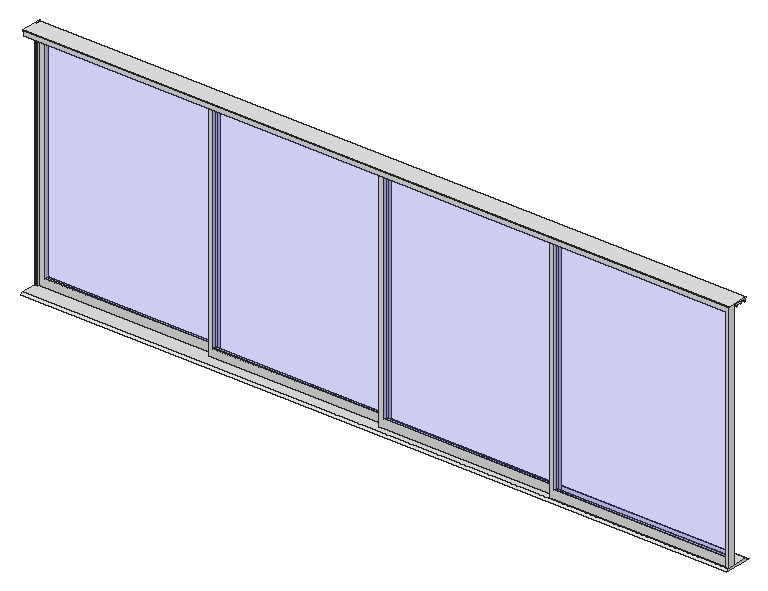
Revit family "Door-Sliding-Kawneer-1010_Mall_Front-OXXX", category Doors, host Wall, Revit 2015
Parameters
  Wall Thickness [instance] = 1' - 5"
  URL = "http://www.kawneer.com/kawneer/en/home.asp"
  Type Comments = "1\" Glazing"
  Threshold Material = Aluminum - Kawneer - Clear
  Threshold Height = 0' - 0 19/32"  # constant formula
  Thickness = 0' - 1 1/2"  # constant formula
  Shim Space = 0' - 0 1/4"
  Product data url = "https://bimobject.com/kawneerna/product/20681"
  Product Page URL = "http://www.kawneer.com/kawneer/north_america/en/bim.asp?prod_id=1846"
  Product Documentation Link = "http://www.kawneer.com/kawneer/north_america/en/product_related_doc.asp?prod_id=1846&doc_id=114"
  Percent Open [instance] = 0
  Panel Width = if(1 = 1, ((Width - 0' 0 9/16" - 0' 0 3/16") / 4) + (0' 1 3/4" * 0.75), 1' 0")  # 6' - 1 1/8"
  Panel Open Percent [instance] = if(Percent Open < 101, ((Panel Width - 0' 1 3/4") * ((100 - Percent Open) / 100)), 0' 0")  # 5' - 11 3/8"
  Panel Glazing Material [instance] = Glass - Kawneer - Clear
  Panel Finish [instance] = Aluminum - Kawneer - Clear
  Model = "1010 Sliding Mall Front"
  Manufacturer = "Kawneer"  # constant formula
  Intermediate Rail Height = 2' - 6"
  Height = 8' - 0"
  Has Intermediate Rail [instance] = no
  Glazing Thickness = 0' - 1"
  Function = (empty or 0)
  Frame Jamb Width = 0' - 1"  # constant formula
  Frame Inset [instance] = 0' - 0"
  Frame Head Width = 0' - 1 3/8"  # constant formula
  Frame Finish [instance] = Aluminum - Kawneer - Clear
  Wall Closure = (empty or 0)
  Width = 24' - 0"
  Frame Depth = 0' - 8 5/8"  # constant formula
  Existing [instance] = no
  Description = "Sliding OXXX"
  Copyright © = "2013 Kawneer"  # constant formula
  CTRL Wall Thickness [instance] = if(1 = 1, Wall Thickness, 1' 0")  # 1' - 5"
  CTRL Panel Height = Height - 0' 0 3/4" - Threshold Height  # 7' - 10 21/32"
  CTRL Panel Offset Left [instance] = if(1 = 1, Panel Width - 0' 1 3/4", 1' 0")  # 5' - 11 3/8"
  CTRL Offset [instance] = if(Frame Inset < 0' 0", Frame Inset - Frame Inset - Frame Inset, 0' 0")  # 0' - 0"
  CTRL Inset [instance] = if(Frame Inset < 0' 0", 0' 0", Frame Inset)  # 0' - 0"
  CTRL Frame Sides Depth [instance] = 0' - 2 7/16"  # constant formula
  Assembly Code = "C1020110"
  Appear In Schedule = 0 = 0  # yes
Types (3): name | Type Comments | Glazing Thickness
  (no name) | "1\" Glazing" | 0' - 1"
  24'x8' - 1/4" Glazing | "1/4\" Glazing" | 0' - 0 1/4"
  24'x8' - 1" Glazing | "1\" Glazing" | 0' - 1"
Reference planes (in)
  plane 1 "Center (Front/Back)": y = 0
  plane 2 "Bottom": z = 0
  plane 3 "Center (Left/Right)": x = 0
  plane 4 "Top": z = 96
  plane 5 "Strike": x = -144
  plane 6 "Hinge": x = 144
  plane 7 "Wall Edge Exterior": y = 8.5
  plane 8 "Wall Edge Interior": y = -8.5
  plane 9 "Frame Inset": y = -4.3125
  plane 10 "Frame Offset": y = 0
  plane 11 "Operating Panel": x = -70.3125
  plane 12 "Interlock Panel 1 L/R": x = 1.0625
  plane 13 "Interlock Panel 2 L/R": x = 72.4375
  plane 14 "Fixed Panel Right": x = 143.8125
  plane 15 "Fixed Panel Center": y = -3.09375
  plane 16 "Opening Right": x = 144.25
  plane 17 "Opening Left": x = -144.25
  plane 18 "Frame Right": x = 143
  plane 19 "Frame Left": x = -143
  plane 20 "Frame Head": z = 94.625
  plane 21 "Frame Exterior": y = 4.3125
  plane 22 "Exterior Frame Depth": y = 1.875
  plane 23 "Interior Frame Depth": y = -1.875
  plane 24 "Panel Active 2": y = -1.03125
  plane 25 "Panel Active 3": y = 1.03125
  plane 26 "Lock Jamb Panel Center": y = 3.09375
  plane 27 "Threshold Height": z = 0.59375
  plane 28 "Threshold Exterior": y = 5.5625
  plane 29 "Threshold Interior": y = -5.5625
  plane 30 "Frame Center F/B": y = 0
  plane 31 "Opening Top": z = 96.25
Forms (in)
  Sweep 1, solid, material "Aluminum - Kawneer - Clear" <- "Frame Finish"
    path origin (0, 0, 0) x (1, 0, 0) y (0, 0, 1)
      loop
        line (0, 0.59375) -> (0, 96)
    profile origin (0, 0, 48.29687) x (-1, 0, 0) y (0, -1, 0)
      loop
        line (143, -4.3125) -> (144, -4.3125) -> (144, -1.875) -> (143, -1.875) -> (143, -2.25) -> (143.4375, -2.25) -> (143.4375, -3.9375) -> (143, -3.9375) -> (143, -4.3125)
      loop
        line (-143, 1.875) -> (-143, 2.25) -> (-143.8125, 2.25) -> (-143.8125, 3.9375) -> (-143, 3.9375) -> (-143, 4.3125) -> (-144, 4.3125) -> (-144, 1.875) -> (-143, 1.875)
  Sweep 2, solid, material "Aluminum - Kawneer - Clear" <- "Threshold Material"
    path origin (0, 0, 0) x (1, 0, 0) y (0, 0, 1)
      loop
        line (-144.25, 0.59375) -> (144.25, 0.59375)
    profile origin (0, 0, 0.59375) x (0, 0, 1) y (0, -1, 0)
      loop
        line (-0.59375, 5.5625) -> (-0.59375, -5.5625) -> (0, -4.3125) -> (0, 4.3125) -> (-0.59375, 5.5625)
  Sweep 3, solid, material "Aluminum - Kawneer - Clear" <- "Frame Finish"
    path origin (0, 0, 0) x (1, 0, 0) y (0, 0, 1)
      loop
        line (-144, 94.625) -> (144, 94.625)
    profile origin (0, 0, 94.625) x (0, 0, 1) y (0, -1, 0)
      loop
        line (-0.34375, 4.3125) -> (-0.34375, 3.9375) -> (0.625, 3.9375) -> (0.625, 2.25) -> (0, 2.25) -> (0, 1.875) -> (0.625, 1.875) -> (0.625, 0.1862) -> (0, 0.1862) -> (0, -0.1888) -> (0.625, -0.1888) -> (0.625, -1.875) -> (0, -1.875) -> (0, -2.25) -> (0.625, -2.25) -> (0.625, -3.9375) -> (0, -3.9375) -> (0, -4.3125) -> (1.375, -4.3125) -> (1.375, 4.3125) -> (-0.34375, 4.3125)
  Sweep 4, solid, material "Silicone - Kawneer - Gray"
    path origin (0, 0, 0) x (-1, 0, 0) y (0, 0, 1)
      loop
        line (144.25, 96) -> (-144.25, 96)
    profile "Shim-Kawneer-Profile-2D : Top" origin (0, 0, 96) x (0, 0, -1) y (0, 1, 0)
      loop
        line (-0.25, -4.25) -> (0, -4.125) -> (0, 4.125) -> (-0.25, 4.25) -> (-0.25, -4.25)
  Sweep 5, solid, material "Silicone - Kawneer - Gray"
    path origin (0, -3.09375, 0) x (-1, 0, 0) y (0, 0, 1)
      loop
        line (-144, 0) -> (-144, 96.25)
    profile "Shim-Kawneer-Profile-2D : Sides" origin (144, -3.09375, 48.125) x (1, 0, 0) y (0, 1, 0)
      loop
        line (0.25, 1.34375) -> (0, 1.21875) -> (0, -1.21875) -> (0.25, -1.34375) -> (0.25, 1.34375)
  Sweep 6, solid, material "Silicone - Kawneer - Gray"
    path origin (0, 3.09375, 0) x (-1, 0, 0) y (0, 0, 1)
      loop
        line (144, 0) -> (144, 96.25)
    profile "Shim-Kawneer-Profile-2D : Sides" origin (-144, 3.09375, 48.125) x (1, 0, 0) y (0, 1, 0)
      loop
        line (-0.25, 1.34375) -> (-0.25, -1.34375) -> (0, -1.21875) -> (0, 1.21875) -> (-0.25, 1.34375)
Cuts and joins
  joined: Sweep 1, Sweep 3
  joined: Sweep 4, Sweep 5, Sweep 6
Lines and regions (in)
  Opening 1
    outline origin (-60, -8.5, 0) x (1, 0, 0) y (0, 0, 1)
      loop
        line (-84.25, 96.25) -> (-84.25, 0) -> (204.25, 0) -> (204.25, 96.25) -> (-84.25, 96.25)
  Masking region 1, detail levels medium+fine
    outline origin (0, 0, 0.59375) x (-1, 0, 0) y (0, -1, 0)
      loop
        line (-143, 1.875) -> (-143, 2.25) -> (-143.8125, 2.25) -> (-143.8125, 3.9375) -> (-143, 3.9375) -> (-143, 4.3125) -> (-144.25, 4.3125) -> (-144.25, 1.875) -> (-143, 1.875)
      loop
        line (143, -4.3125) -> (144, -4.3125) -> (144, -1.875) -> (143, -1.875) -> (143, -2.25) -> (143.4375, -2.25) -> (143.4375, -3.9375) -> (143, -3.9375) -> (143, -4.3125)
  Masking region 2, detail levels coarse
    outline origin (-0.8125, -0.08398, 0.59375) x (-1, 0, 0) y (0, -1, 0)
      loop
        line (-143.8125, 1.79102) -> (-143.8125, 4.22852) -> (-144.8125, 4.22852) -> (-144.8125, 1.79102) -> (-143.8125, 1.79102)
      loop
        line (142.1875, -4.39648) -> (143.1875, -4.39648) -> (143.1875, -1.95898) -> (142.1875, -1.95898) -> (142.1875, -4.39648)
  Masking region 3
    outline origin (-1.45756, -0.21786, 0.59375) x (-1, 0, 0) y (0, -1, 0)
      loop
        line (-145.45756, 1.65714) -> (-145.45756, 4.09464) -> (-145.70756, 4.09464) -> (-145.70756, 1.65714) -> (-145.45756, 1.65714)
      loop
        line (142.54244, -4.53036) -> (142.79244, -4.53036) -> (142.79244, -2.09286) -> (142.54244, -2.09286) -> (142.54244, -4.53036)
Text (in)
  text "EXTERIOR" at (-58.6888, 50.90694, 0), in view "Ref. Level"
  text "INTERIOR" at (-58.6888, -37.76638, 0), in view "Ref. Level"
  text "Exterior" at (0, 43.65631, 123.19604), in view "Left"
  text "Exterior" at (0, 18.29385, 125.04747), in view "Right"
Dimensions and locks (in)
  "Width": plane 5 "Strike" to plane 6 "Hinge"
  locked: plane 7 "Wall Edge Exterior" to host wall at 0
  "Wall Thickness": host wall to host wall
  "CTRL Wall Thickness": plane 7 "Wall Edge Exterior" to plane 8 "Wall Edge Interior"
  equal spacing: host wall, plane 1 "Center (Front/Back)", host wall
  equal spacing: plane 5 "Strike", plane 3 "Center (Left/Right)", plane 6 "Hinge"
  "Height": plane 4 "Top" to plane 2 "Bottom"
  "CTRL Offset": plane 10 "Frame Offset" to plane 1 "Center (Front/Back)"
  "Shim Space": plane 6 "Hinge" to plane 16 "Opening Right"
  "Shim Space": plane 17 "Opening Left" to plane 5 "Strike"
  "Frame Jamb Width": plane 5 "Strike" to plane 19 "Frame Left"
  "Frame Jamb Width": plane 18 "Frame Right" to plane 6 "Hinge"
  "Frame Head Width": plane 4 "Top" to plane 20 "Frame Head"
  "Frame Depth": plane 21 "Frame Exterior" to plane 9 "Frame Inset"
  "CTRL Frame Sides Depth": plane 21 "Frame Exterior" to plane 22 "Exterior Frame Depth"
  "CTRL Frame Sides Depth": plane 23 "Interior Frame Depth" to plane 9 "Frame Inset"
  locked: plane 21 "Frame Exterior" to Sweep 1 sketch curve at 0.375
  locked: Sweep 1 sketch curve to plane 22 "Exterior Frame Depth" at 0.375
  locked: Sweep 1 sketch curve to plane 19 "Frame Left" at 0.4375
  locked: plane 23 "Interior Frame Depth" to Sweep 1 sketch curve at 0.375
  locked: plane 9 "Frame Inset" to Sweep 1 sketch curve at 0.375
  equal spacing: plane 23 "Interior Frame Depth", plane 15 "Fixed Panel Center", plane 9 "Frame Inset"
  locked: plane 24 "Panel Active 2" to plane 15 "Fixed Panel Center" at 2.0625
  locked: plane 25 "Panel Active 3" to plane 24 "Panel Active 2" at 2.0625
  equal spacing: plane 21 "Frame Exterior", plane 26 "Lock Jamb Panel Center", plane 22 "Exterior Frame Depth"
  "Threshold Height": plane 27 "Threshold Height" to plane 2 "Bottom"
  locked: plane 9 "Frame Inset" to plane 29 "Threshold Interior" at 1.25
  locked: plane 28 "Threshold Exterior" to plane 21 "Frame Exterior" at 1.25
  locked: Sweep 3 sketch curve to plane 4 "Top" at 1.71875
  locked: Sweep 3 sketch curve to plane 20 "Frame Head" at 0.625
  locked: plane 14 "Fixed Panel Right" to plane 6 "Hinge" at 0.1875
  "CTRL Inset": plane 10 "Frame Offset" to plane 30 "Frame Center F/B"
  "Panel Open Percent": plane 13 "Interlock Panel 2 L/R" to plane 14 "Fixed Panel Right"
  "Panel Open Percent": plane 12 "Interlock Panel 1 L/R" to plane 13 "Interlock Panel 2 L/R"
  "Panel Open Percent": plane 11 "Operating Panel" to plane 12 "Interlock Panel 1 L/R"
  equal spacing: plane 21 "Frame Exterior", plane 30 "Frame Center F/B", plane 9 "Frame Inset"
  "Shim Space": plane 31 "Opening Top" to plane 4 "Top"
  aligned and locked: level to plane 2 "Bottom"
  aligned and locked: Opening 1 sketch curve to plane 17 "Opening Left"
  aligned and locked: Opening 1 sketch curve to plane 16 "Opening Right"
  aligned and locked: Opening 1 sketch curve to plane 2 "Bottom"
  aligned and locked: plane 3 "Center (Left/Right)" to Sweep 1 sketch curve
  aligned and locked: Sweep 1 sketch curve to plane 22 "Exterior Frame Depth"
  aligned and locked: plane 5 "Strike" to Sweep 1 sketch curve
  aligned and locked: plane 21 "Frame Exterior" to Sweep 1 sketch curve
  aligned and locked: Sweep 1 sketch curve to plane 19 "Frame Left"
  aligned and locked: Sweep 1 sketch curve to plane 6 "Hinge"
  aligned and locked: Sweep 1 sketch curve to plane 9 "Frame Inset"
  aligned and locked: plane 18 "Frame Right" to Sweep 1 sketch curve  (x2)
  aligned and locked: plane 23 "Interior Frame Depth" to Sweep 1 sketch curve
  aligned and locked: nested 1 to plane 15 "Fixed Panel Center"
  aligned and locked: nested 2 to plane 24 "Panel Active 2"
  aligned and locked: nested 3 to plane 25 "Panel Active 3"
  aligned and locked: nested 4 to plane 26 "Lock Jamb Panel Center"
  aligned and locked: plane 27 "Threshold Height" to Sweep 1 sketch curve
  aligned and locked: Sweep 2 sketch curve to plane 27 "Threshold Height"  (x2)
  aligned and locked: plane 2 "Bottom" to Sweep 2 sketch curve
  aligned and locked: plane 28 "Threshold Exterior" to Sweep 2 sketch curve
  aligned and locked: plane 21 "Frame Exterior" to Sweep 2 sketch curve
  aligned and locked: plane 29 "Threshold Interior" to Sweep 2 sketch curve
  aligned and locked: plane 9 "Frame Inset" to Sweep 2 sketch curve
  aligned and locked: plane 6 "Hinge" to Sweep 3 sketch curve
  aligned and locked: plane 5 "Strike" to Sweep 3 sketch curve
  aligned and locked: Sweep 3 sketch curve to plane 20 "Frame Head"
  aligned and locked: plane 4 "Top" to Sweep 3 sketch curve
  aligned and locked: plane 9 "Frame Inset" to Sweep 3 sketch curve
  aligned and locked: Sweep 3 sketch curve to plane 21 "Frame Exterior"
  aligned and locked: plane 20 "Frame Head" to Sweep 3 sketch curve  (x4)
  aligned and locked: Sweep 3 sketch curve to Sweep 1  (x4)
  aligned and locked: Sweep 3 sketch curve to plane 23 "Interior Frame Depth"
  aligned and locked: plane 22 "Exterior Frame Depth" to Sweep 3 sketch curve
  aligned and locked: Sweep 3 sketch curve to Sweep 3 sketch curve  (x3)
  aligned and locked: plane 4 "Top" to Sweep 1 sketch curve
  aligned and locked: nested 1 to plane 14 "Fixed Panel Right"
  aligned and locked: Sweep 1 sketch curve to plane 14 "Fixed Panel Right"
  aligned and locked: nested 4 to plane 11 "Operating Panel"
  aligned and locked: nested 3 to plane 12 "Interlock Panel 1 L/R"
  aligned and locked: nested 2 to plane 13 "Interlock Panel 2 L/R"
  aligned and locked: plane 21 "Frame Exterior" to Masking region 1 sketch curve
  aligned and locked: plane 5 "Strike" to Masking region 1 sketch curve
  aligned and locked: Masking region 1 sketch curve to plane 22 "Exterior Frame Depth"
  aligned and locked: Masking region 1 sketch curve to plane 19 "Frame Left"  (x2)
  aligned and locked: cut or joined group of Sweep 1, Sweep 3 to Masking region 1 sketch curve
  aligned and locked: Masking region 1 sketch curve to cut or joined group of Sweep 1, Sweep 3  (x4)
  aligned and locked: Masking region 1 sketch curve to plane 14 "Fixed Panel Right"
  aligned and locked: Masking region 1 sketch curve to plane 16 "Opening Right"
  aligned and locked: Masking region 1 sketch curve to plane 9 "Frame Inset"
  aligned and locked: plane 23 "Interior Frame Depth" to Masking region 1 sketch curve
  aligned and locked: plane 18 "Frame Right" to Masking region 1 sketch curve  (x2)
  aligned and locked: Masking region 2 sketch curve to plane 19 "Frame Left"
  aligned and locked: plane 21 "Frame Exterior" to Masking region 2 sketch curve
  aligned and locked: Masking region 2 sketch curve to plane 22 "Exterior Frame Depth"
  aligned and locked: plane 5 "Strike" to Masking region 2 sketch curve
  aligned and locked: Masking region 2 sketch curve to plane 6 "Hinge"
  aligned and locked: Masking region 2 sketch curve to plane 9 "Frame Inset"
  aligned and locked: plane 23 "Interior Frame Depth" to Masking region 2 sketch curve
  aligned and locked: plane 18 "Frame Right" to Masking region 2 sketch curve
  aligned and locked: plane 16 "Opening Right" to Sweep 4 sketch curve
  aligned and locked: plane 17 "Opening Left" to Sweep 4 sketch curve
  aligned and locked: Sweep 4 sketch curve to plane 4 "Top"
  aligned and locked: Opening 1 sketch curve to plane 31 "Opening Top"
  aligned and locked: Sweep 5 sketch curve to plane 31 "Opening Top"
  aligned and locked: Sweep 5 sketch curve to plane 2 "Bottom"
  aligned and locked: plane 6 "Hinge" to Sweep 5 sketch curve
  aligned and locked: Sweep 6 sketch curve to plane 5 "Strike"
  aligned and locked: plane 31 "Opening Top" to Sweep 6 sketch curve
  aligned and locked: plane 2 "Bottom" to Sweep 6 sketch curve
  aligned and locked: plane 17 "Opening Left" to Sweep 2 sketch curve
  aligned and locked: plane 16 "Opening Right" to Sweep 2 sketch curve
  aligned and locked: plane 21 "Frame Exterior" to Masking region 3 sketch curve
  aligned and locked: Masking region 3 sketch curve to plane 22 "Exterior Frame Depth"
  aligned and locked: Masking region 3 sketch curve to plane 5 "Strike"
  aligned and locked: plane 17 "Opening Left" to Masking region 3 sketch curve
  aligned and locked: plane 23 "Interior Frame Depth" to Masking region 3 sketch curve
  aligned and locked: Masking region 3 sketch curve to plane 9 "Frame Inset"
  aligned and locked: Masking region 3 sketch curve to plane 16 "Opening Right"
  aligned and locked: plane 6 "Hinge" to Masking region 3 sketch curve
Automatic sketch dimensions
  Sweep 1 sketch curve to Sweep 1 sketch curve = 0' - 0 7/16"
  Sweep 3 sketch curve to Sweep 3 sketch curve = 0' - 1.6862"
  Sweep 3 sketch curve to Sweep 3 sketch curve = 0' - 0 3/8"
Nested families (in)
  nested 1: "Panel-Sliding-Kawneer-1010" at (107.25, -3.09375, 0.59375), built-in parameter 1001364 <- "Threshold Height", Height <- "CTRL Panel Height", Width <- "Panel Width", Has Intermediate Rail <- "Has Intermediate Rail", Panel Material <- "Panel Finish", Glazing Material <- "Panel Glazing Material", Thickness <- "Thickness", Rail Intermediate Height <- "Intermediate Rail Height", Glazing Thickness <- "Glazing Thickness", type "L-B Interlock - Fixed Jamb"
    with Width 6' - 1 1/8", Thickness 0' - 1 1/2", Rail Intermediate Height 2' - 6", Panel Material Aluminum - Kawneer - Clear, Opens Right no, Opens Left no, Height 7' - 10 21/32", Has Intermediate Rail no, Glazing Thickness 0' - 1", Glazing Material Glass - Kawneer - Clear, CTRL Rail Intermediate Height 2' - 6", CTRL Rail Intermediate 0' - 0", CTRL Open Arrow no, Stile Right 0' - 0 13/16", Rail Head 0' - 1 1/8", Rail Bottom 0' - 3 1/4", Has Interlock Back Left yes
  nested 2: "Panel-Sliding-Kawneer-1010" at (35.875, -1.03125, 0.59375), built-in parameter 1001364 <- "Threshold Height", Height <- "CTRL Panel Height", Width <- "Panel Width", Has Intermediate Rail <- "Has Intermediate Rail", Panel Material <- "Panel Finish", Glazing Material <- "Panel Glazing Material", Thickness <- "Thickness", Rail Intermediate Height <- "Intermediate Rail Height", Glazing Thickness <- "Glazing Thickness", type "L-B Interlock - R-F Interlock"
    with Width 6' - 1 1/8", Thickness 0' - 1 1/2", Rail Intermediate Height 2' - 6", Panel Material Aluminum - Kawneer - Clear, Opens Right yes, Opens Left no, Height 7' - 10 21/32", Has Intermediate Rail no, Glazing Thickness 0' - 1", Glazing Material Glass - Kawneer - Clear, CTRL Rail Intermediate Height 2' - 6", CTRL Rail Intermediate 0' - 0", CTRL Open Arrow yes, Rail Head 0' - 1 1/8", Rail Bottom 0' - 3 1/4", Has Interlock Front Right yes, Has Interlock Back Left yes
  nested 3: "Panel-Sliding-Kawneer-1010" at (-35.5, 1.03125, 0.59375), built-in parameter 1001364 <- "Threshold Height", Height <- "CTRL Panel Height", Width <- "Panel Width", Has Intermediate Rail <- "Has Intermediate Rail", Panel Material <- "Panel Finish", Glazing Material <- "Panel Glazing Material", Thickness <- "Thickness", Rail Intermediate Height <- "Intermediate Rail Height", Glazing Thickness <- "Glazing Thickness", type "L-B Interlock - R-F Interlock"
    with Width 6' - 1 1/8", Thickness 0' - 1 1/2", Rail Intermediate Height 2' - 6", Panel Material Aluminum - Kawneer - Clear, Opens Right yes, Opens Left no, Height 7' - 10 21/32", Has Intermediate Rail no, Glazing Thickness 0' - 1", Glazing Material Glass - Kawneer - Clear, CTRL Rail Intermediate Height 2' - 6", CTRL Rail Intermediate 0' - 0", CTRL Open Arrow yes, Rail Head 0' - 1 1/8", Rail Bottom 0' - 3 1/4", Has Interlock Front Right yes, Has Interlock Back Left yes
  nested 4: "Panel-Sliding-Kawneer-1010" at (-106.875, 3.09375, 0.59375), built-in parameter 1001364 <- "Threshold Height", Height <- "CTRL Panel Height", Width <- "Panel Width", Has Intermediate Rail <- "Has Intermediate Rail", Panel Material <- "Panel Finish", Glazing Material <- "Panel Glazing Material", Thickness <- "Thickness", Rail Intermediate Height <- "Intermediate Rail Height", Glazing Thickness <- "Glazing Thickness", type "Lock Jamb - R-F Interlock"
    with Width 6' - 1 1/8", Thickness 0' - 1 1/2", Rail Intermediate Height 2' - 6", Panel Material Aluminum - Kawneer - Clear, Opens Right yes, Opens Left no, Height 7' - 10 21/32", Has Intermediate Rail no, Glazing Thickness 0' - 1", Glazing Material Glass - Kawneer - Clear, CTRL Rail Intermediate Height 2' - 6", CTRL Rail Intermediate 0' - 0", CTRL Open Arrow yes, Stile Left 0' - 2 29/32", Rail Head 0' - 1 1/8", Rail Bottom 0' - 3 1/4", Has Interlock Front Right yes
Definition of nested family "Panel-Sliding-Kawneer-1010"
  Parameters
    Width [instance] = 3' - 0"
    Thickness [instance] = 0' - 1 1/2"
    Stile Right = 0' - 1 3/4"
    Stile Left = 0' - 1 3/4"
    Rail Intermediate Height [instance] = 2' - 6"
    Rail Intermediate = 0' - 1 3/4"
    Rail Head = 0' - 3"
    Rail Bottom = 0' - 7"
    Panel Material [instance] = none
    Opens Right [instance] = no
    Opens Left [instance] = no
    Manufacturer = "Kawneer"  # constant formula
    Height [instance] = 7' - 0"
    Has Intermediate Rail [instance] = no
    Has Interlock Front Right = no
    Has Interlock Front Left = no
    Has Interlock Back Right = no
    Has Interlock Back Left = no
    Glazing Thickness [instance] = 0' - 0 1/4"
    Glazing Material [instance] = none
    Description = "Storefront Mall Sliding 1010 Panel"  # constant formula
    CTRL Rail Intermediate Height [instance] = if(Height < Rail Intermediate Height, Height / 2, Rail Intermediate Height)  # 2' - 6"
    CTRL Rail Intermediate [instance] = if(Has Intermediate Rail, Rail Intermediate, 0' 0")  # 0' - 0"
    CTRL Open Arrow [instance] = or(Opens Right, Opens Left)  # no
  Reference planes (in)
    plane 1 "Center (Front/Back)": y = 0
    plane 2 "Original Bottom": z = 0
    plane 3 "Center (Left/Right)": x = 0
    plane 4 "Back": y = 0.75
    plane 5 "Front": y = -0.75
    plane 6 "Left": x = -18
    plane 7 "Right": x = 18
    plane 8: z = 84
    plane 9 "Left Stile R": x = -16.25
    plane 10 "Right Stile L": x = 16.25
    plane 11 "Head Rail B": z = 81
    plane 12 "Bottom Rail T": z = 7
    plane 13 "Glazing Back": y = 0.125
    plane 14 "Glazing Front": y = -0.125
    plane 15 "Interlock Front": y = -1.25
    plane 16 "Interlock Back": y = 1.25
    plane 17 "Right Interlock Center": x = 17.125
    plane 18 "Left Interlock Center": x = -17.125
    plane 19 "Intermediate Top": z = 31.75
    plane 20 "Intermediate Glass Top": z = 31.75
    plane 21 "Intermediate Bottom": z = 30
    plane 22 "Center Elevation": z = 42
  Forms (in)
    Sweep 1, solid, material <- "Panel Material"
      path origin (0, 0, 0) x (1, 0, 0) y (0, 1, 0)
        loop
          line (0, -0.75) -> (0, 0.75)
      profile origin (0, 0, 0) x (-1, 0, 0) y (0, 0, 1)
        loop
          line (18, 84) -> (-18, 84) -> (-18, 0) -> (18, 0) -> (18, 84)
        loop
          line (16.25, 81) -> (-16.25, 81) -> (-16.25, 7) -> (16.25, 7) -> (16.25, 81)
    Extrusion 2, solid, material <- "Glazing Material"
      sketch origin (0, 0, 0) x (1, 0, 0) y (0, 0, 1)
        loop
          line (-16.25, 81) -> (-16.25, 31.75) -> (16.25, 31.75) -> (16.25, 81) -> (-16.25, 81)
      from -0.125 to 0.125
    Sweep 3, solid, material <- "Panel Material", visible <- "Has Interlock Back Right", detail levels medium+fine
      path origin (0, 0.75, 0) x (-1, 0, 0) y (0, 0, 1)
        loop
          line (-17.125, 0) -> (-17.125, 84)
      profile origin (17.125, 0.75, 42) x (1, 0, 0) y (0, 1, 0)
        loop
          line (0, 0.5) -> (0, 0) -> (0.875, 0) -> (0.875, 0.5) -> (0, 0.5)
    Sweep 4, solid, material <- "Panel Material", visible <- "Has Interlock Back Left", detail levels medium+fine
      path origin (0, 0.75, 0) x (1, 0, 0) y (0, 0, 1)
        loop
          line (-17.125, 0) -> (-17.125, 84)
      profile origin (-17.125, 0.75, 42) x (1, 0, 0) y (0, 1, 0)
        loop
          line (0, 0.5) -> (-0.875, 0.5) -> (-0.875, 0) -> (0, 0) -> (0, 0.5)
    Sweep 5, solid, material <- "Panel Material", visible <- "Has Interlock Front Left", detail levels medium+fine
      path origin (0, -0.75, 0) x (-1, 0, 0) y (0, 0, 1)
        loop
          line (17.125, 0) -> (17.125, 84)
      profile origin (-17.125, -0.75, 42) x (1, 0, 0) y (0, 1, 0)
        loop
          line (-0.875, 0) -> (-0.875, -0.5) -> (0, -0.5) -> (0, 0) -> (-0.875, 0)
    Sweep 6, solid, material <- "Panel Material", visible <- "Has Interlock Front Right", detail levels medium+fine
      path origin (0, -0.75, 0) x (1, 0, 0) y (0, 0, 1)
        loop
          line (17.125, 0) -> (17.125, 84)
      profile origin (17.125, -0.75, 42) x (1, 0, 0) y (0, 1, 0)
        loop
          line (0.875, 0) -> (0, 0) -> (0, -0.5) -> (0.875, -0.5) -> (0.875, 0)
    Extrusion 7, solid, material <- "Glazing Material"
      sketch origin (-1, 0, -39) x (1, 0, 0) y (0, 0, 1)
        loop
          line (-15.25, 70.75) -> (-15.25, 46) -> (17.25, 46) -> (17.25, 70.75) -> (-15.25, 70.75)
      from -0.125 to 0.125
    Sweep 8, solid, material <- "Panel Material", visible <- "Has Intermediate Rail"
      path origin (0, 0, 0) x (1, 0, 0) y (0, 0, 1)
        loop
          line (-16.25, 31.75) -> (16.25, 31.75)
      profile origin (0, 0, 31.75) x (0, 0, 1) y (0, -1, 0)
        loop
          line (0, 0.75) -> (-1.75, 0.75) -> (-1.75, -0.75) -> (0, -0.75) -> (0, 0.75)
  Cuts and joins
    joined: Extrusion 2, Extrusion 7
  Lines and regions (in)
    Masking region 1
      outline origin (0, 0, 7) x (-1, 0, 0) y (0, -1, 0)
        loop
          line (18, -0.75) -> (18, 0.75) -> (16.25, 0.75) -> (16.25, -0.75) -> (18, -0.75)
        loop
          line (-16.25, -0.75) -> (-16.25, 0.75) -> (-18, 0.75) -> (-18, -0.75) -> (-16.25, -0.75)
    Masking region 2
      outline origin (0, 0, 7) x (-1, 0, 0) y (0, -1, 0)
        loop
          line (16.25, -0.75) -> (16.25, 0.75) -> (-16.25, 0.75) -> (-16.25, -0.75) -> (16.25, -0.75)
    Masking region 3, detail levels fine
      outline origin (0, 0, 7) x (-1, 0, 0) y (0, -1, 0)
        loop
          line (16.25, -0.125) -> (16.25, 0.125) -> (-16.25, 0.125) -> (-16.25, -0.125) -> (16.25, -0.125)
    Masking region 4, visible <- "Has Interlock Back Left", detail levels medium+fine
      outline origin (0, 0, 7) x (-1, 0, 0) y (0, -1, 0)
        loop
          line (18, -1.25) -> (18, -0.75) -> (17.125, -0.75) -> (17.125, -1.25) -> (18, -1.25)
    Masking region 5, visible <- "Has Interlock Back Right", detail levels medium+fine
      outline origin (0, 0, 7) x (0, -1, 0) y (1, 0, 0)
        loop
          line (-1.25, 18) -> (-1.25, 17.125) -> (-0.75, 17.125) -> (-0.75, 18) -> (-1.25, 18)
    Masking region 6, visible <- "Has Interlock Front Right", detail levels medium+fine
      outline origin (0, 0, 7) x (1, 0, 0) y (0, 1, 0)
        loop
          line (18, -1.25) -> (18, -0.75) -> (17.125, -0.75) -> (17.125, -1.25) -> (18, -1.25)
    Masking region 7, visible <- "Has Interlock Front Left", detail levels medium+fine
      outline origin (0, 0, 7) x (0, 1, 0) y (-1, 0, 0)
        loop
          line (-1.25, 18) -> (-1.25, 17.125) -> (-0.75, 17.125) -> (-0.75, 18) -> (-1.25, 18)
    symbolic lines, detail levels coarse+medium
      curve 1: line (-16.25, 0, 7) -> (16.25, 0, 7)
    model lines, visible <- "CTRL Open Arrow", detail levels medium+fine
      curve 2: line (-4, -0.125, 42) -> (4, -0.125, 42)
      curve 7: line (-4, 0.125, 42) -> (4, 0.125, 42)
    model lines, visible <- "Opens Right", detail levels medium+fine
      curve 3: line (2.58579, -0.125, 43.41421) -> (4, -0.125, 42)
      curve 4: line (2.58579, -0.125, 40.58579) -> (4, -0.125, 42)
      curve 8: line (2.58579, 0.125, 43.41421) -> (4, 0.125, 42)
      curve 9: line (2.58579, 0.125, 40.58579) -> (4, 0.125, 42)
    model lines, visible <- "Opens Left", detail levels medium+fine
      curve 5: line (-2.58579, -0.125, 43.41421) -> (-4, -0.125, 42)
      curve 6: line (-2.58579, -0.125, 40.58579) -> (-4, -0.125, 42)
      curve 10: line (-2.58579, 0.125, 43.41421) -> (-4, 0.125, 42)
      curve 11: line (-2.58579, 0.125, 40.58579) -> (-4, 0.125, 42)
  Dimensions and locks (in)
    "Thickness": plane 4 "Back" to plane 5 "Front"
    equal spacing: plane 4 "Back", plane 1 "Center (Front/Back)", plane 5 "Front"
    "Height": plane 8 to plane 2 "Original Bottom"
    equal spacing: plane 6 "Left", plane 3 "Center (Left/Right)", plane 7 "Right"
    "Width": plane 6 "Left" to plane 7 "Right"
    "Stile Left": plane 6 "Left" to plane 9 "Left Stile R"
    "Stile Right": plane 10 "Right Stile L" to plane 7 "Right"
    "Rail Bottom": plane 12 "Bottom Rail T" to plane 2 "Original Bottom"
    "Rail Head": plane 8 to plane 11 "Head Rail B"
    equal spacing: plane 13 "Glazing Back", plane 1 "Center (Front/Back)", plane 14 "Glazing Front"
    "Glazing Thickness": plane 13 "Glazing Back" to plane 14 "Glazing Front"
    locked: plane 5 "Front" to plane 15 "Interlock Front" at 0.5
    locked: plane 16 "Interlock Back" to plane 4 "Back" at 0.5
    equal spacing: plane 7 "Right", plane 17 "Right Interlock Center", plane 10 "Right Stile L"
    equal spacing: plane 6 "Left", plane 18 "Left Interlock Center", plane 9 "Left Stile R"
    "CTRL Rail Intermediate": plane 19 "Intermediate Top" to plane 20 "Intermediate Glass Top"
    "Rail Intermediate": plane 19 "Intermediate Top" to plane 21 "Intermediate Bottom"
    "CTRL Rail Intermediate Height": plane 21 "Intermediate Bottom" to plane 2 "Original Bottom"
    equal spacing: plane 8, plane 22 "Center Elevation", plane 2 "Original Bottom"
    equal spacing: curve 2, plane 3 "Center (Left/Right)", curve 2, locked at 4 each
    curve 3 to curve 3 = 0' - 1.41421"
    equal spacing: curve 3, plane 22 "Center Elevation", curve 4, locked at 1.41421 each
    curve 5 to plane 22 "Center Elevation" to curve 6 = 0' - 1.41421" locked, 0' - 1.41421" locked
    curve 7 to curve 7 = 0' - 8"
    equal spacing: curve 7, plane 3 "Center (Left/Right)", curve 7, locked at 4 each
    equal spacing: curve 8, plane 22 "Center Elevation", curve 9, locked at 1.41421 each
    equal spacing: curve 10, plane 22 "Center Elevation", curve 11, locked at 1.41421 each
    aligned and locked: plane 2 "Original Bottom" to level
    aligned and locked: plane 4 "Back" to Sweep 1 sketch curve
    aligned and locked: plane 5 "Front" to Sweep 1 sketch curve
    aligned and locked: plane 3 "Center (Left/Right)" to Sweep 1 sketch curve
    aligned and locked: plane 2 "Original Bottom" to Sweep 1 sketch curve
    aligned and locked: Sweep 1 sketch curve to plane 7 "Right"
    aligned and locked: Sweep 1 sketch curve to plane 8
    aligned and locked: Sweep 1 sketch curve to plane 6 "Left"
    aligned and locked: Sweep 1 sketch curve to plane 11 "Head Rail B"
    aligned and locked: Sweep 1 sketch curve to plane 9 "Left Stile R"
    aligned and locked: plane 12 "Bottom Rail T" to Sweep 1 sketch curve
    aligned and locked: plane 10 "Right Stile L" to Sweep 1 sketch curve
    aligned and locked: plane 10 "Right Stile L" to Extrusion 2 sketch curve
    aligned and locked: Extrusion 2 sketch curve to plane 9 "Left Stile R"
    aligned and locked: Extrusion 2 sketch curve to plane 11 "Head Rail B"
    aligned and locked: plane 13 "Glazing Back" to Extrusion 2
    aligned and locked: Extrusion 2 to plane 14 "Glazing Front"
    aligned and locked: plane 8 to Sweep 3 sketch curve
    aligned and locked: plane 2 "Original Bottom" to Sweep 3 sketch curve
    aligned and locked: plane 17 "Right Interlock Center" to Sweep 3 sketch curve  (x2)
    aligned and locked: Sweep 3 sketch curve to plane 7 "Right"
    aligned and locked: profile plane to Sweep 3 sketch curve
    aligned and locked: Sweep 3 sketch curve to plane 16 "Interlock Back"
    aligned and locked: plane 8 to Sweep 4 sketch curve
    aligned and locked: Sweep 4 sketch curve to plane 18 "Left Interlock Center"  (x2)
    aligned and locked: plane 2 "Original Bottom" to Sweep 4 sketch curve
    aligned and locked: plane 16 "Interlock Back" to Sweep 4 sketch curve
    aligned and locked: plane 6 "Left" to Sweep 4 sketch curve
    aligned and locked: Sweep 4 sketch curve to plane 4 "Back"
    aligned and locked: Sweep 5 sketch curve to plane 6 "Left"
    aligned and locked: plane 15 "Interlock Front" to Sweep 5 sketch curve
    aligned and locked: Sweep 5 sketch curve to plane 5 "Front"
    aligned and locked: plane 18 "Left Interlock Center" to Sweep 5 sketch curve
    aligned and locked: Sweep 5 sketch curve to plane 18 "Left Interlock Center"
    aligned and locked: plane 8 to Sweep 5 sketch curve
    aligned and locked: plane 2 "Original Bottom" to Sweep 5 sketch curve
    aligned and locked: plane 7 "Right" to Sweep 6 sketch curve
    aligned and locked: Sweep 6 sketch curve to plane 15 "Interlock Front"
    aligned and locked: plane 5 "Front" to Sweep 6 sketch curve
    aligned and locked: Sweep 6 sketch curve to plane 17 "Right Interlock Center"
    aligned and locked: plane 2 "Original Bottom" to Sweep 6 sketch curve
    aligned and locked: plane 8 to Sweep 6 sketch curve
    aligned and locked: plane 17 "Right Interlock Center" to Sweep 6 sketch curve
    aligned and locked: plane 19 "Intermediate Top" to Extrusion 2 sketch curve
    aligned and locked: Extrusion 7 sketch curve to plane 20 "Intermediate Glass Top"
    aligned and locked: plane 12 "Bottom Rail T" to Extrusion 7 sketch curve
    aligned and locked: plane 10 "Right Stile L" to Extrusion 7 sketch curve
    aligned and locked: Extrusion 7 sketch curve to plane 9 "Left Stile R"
    aligned and locked: plane 9 "Left Stile R" to Sweep 8 sketch curve
    aligned and locked: plane 10 "Right Stile L" to Sweep 8 sketch curve
    aligned and locked: Sweep 8 sketch curve to plane 19 "Intermediate Top"  (x2)
    aligned and locked: plane 21 "Intermediate Bottom" to Sweep 8 sketch curve
    aligned and locked: Sweep 8 sketch curve to plane 4 "Back"
    aligned and locked: plane 5 "Front" to Sweep 8 sketch curve
    aligned and locked: Masking region 1 sketch curve to plane 7 "Right"
    aligned and locked: Masking region 1 sketch curve to plane 10 "Right Stile L"
    aligned and locked: Masking region 1 sketch curve to plane 4 "Back"  (x2)
    aligned and locked: plane 5 "Front" to Masking region 1 sketch curve  (x2)
    aligned and locked: plane 9 "Left Stile R" to Masking region 1 sketch curve
    aligned and locked: Masking region 1 sketch curve to plane 6 "Left"
    aligned and locked: Masking region 2 sketch curve to plane 4 "Back"
    aligned and locked: plane 5 "Front" to Masking region 2 sketch curve
    aligned and locked: Masking region 2 sketch curve to plane 9 "Left Stile R"
    aligned and locked: plane 10 "Right Stile L" to Masking region 2 sketch curve
    aligned and locked: Masking region 3 sketch curve to plane 13 "Glazing Back"
    aligned and locked: Masking region 3 sketch curve to plane 9 "Left Stile R"
    aligned and locked: plane 10 "Right Stile L" to Masking region 3 sketch curve
    aligned and locked: plane 14 "Glazing Front" to Masking region 3 sketch curve
    aligned and locked: plane 9 "Left Stile R" to curve 1
    aligned and locked: plane 10 "Right Stile L" to curve 1
    aligned and locked: plane 1 "Center (Front/Back)" to curve 1
    aligned and locked: Masking region 4 sketch curve to plane 6 "Left"
    aligned and locked: plane 4 "Back" to Masking region 4 sketch curve
    aligned and locked: plane 18 "Left Interlock Center" to Masking region 4 sketch curve
    aligned and locked: Masking region 4 sketch curve to plane 16 "Interlock Back"
    aligned and locked: plane 7 "Right" to Masking region 5 sketch curve
    aligned and locked: plane 16 "Interlock Back" to Masking region 5 sketch curve
    aligned and locked: Masking region 5 sketch curve to plane 4 "Back"
    aligned and locked: Masking region 5 sketch curve to plane 17 "Right Interlock Center"
    aligned and locked: plane 15 "Interlock Front" to Masking region 6 sketch curve
    aligned and locked: plane 17 "Right Interlock Center" to Masking region 6 sketch curve
    aligned and locked: Masking region 6 sketch curve to plane 7 "Right"
    aligned and locked: Masking region 6 sketch curve to plane 5 "Front"
    aligned and locked: plane 13 "Glazing Back" to cut or joined group of Extrusion 2, Extrusion 7
    aligned and locked: cut or joined group of Extrusion 2, Extrusion 7 to plane 14 "Glazing Front"
    aligned and locked: plane 6 "Left" to Masking region 7 sketch curve
    aligned and locked: Masking region 7 sketch curve to plane 15 "Interlock Front"
    aligned and locked: Masking region 7 sketch curve to plane 18 "Left Interlock Center"
    aligned and locked: plane 5 "Front" to Masking region 7 sketch curve
    aligned and locked: plane 22 "Center Elevation" to curve 3
    aligned and locked: curve 7 to plane 22 "Center Elevation"
    aligned and locked: plane 22 "Center Elevation" to curve 9
  Automatic sketch dimensions
    plane 3 "Center (Left/Right)" to curve 2 = 0' - 4"
    curve 4 to plane 22 "Center Elevation" = 0' - 1.41421"
    curve 5 to curve 2 = 0' - 1.41421"
    curve 2 to curve 3 = 0' - 1.41421"
    plane 3 "Center (Left/Right)" to curve 7 = 0' - 4"
    plane 22 "Center Elevation" to curve 8 = 0' - 1.41421"
    curve 7 to curve 8 = 0' - 1.41421"
    curve 11 to curve 7 = 0' - 1.41421"
    curve 11 to plane 22 "Center Elevation" = 0' - 1.41421"
